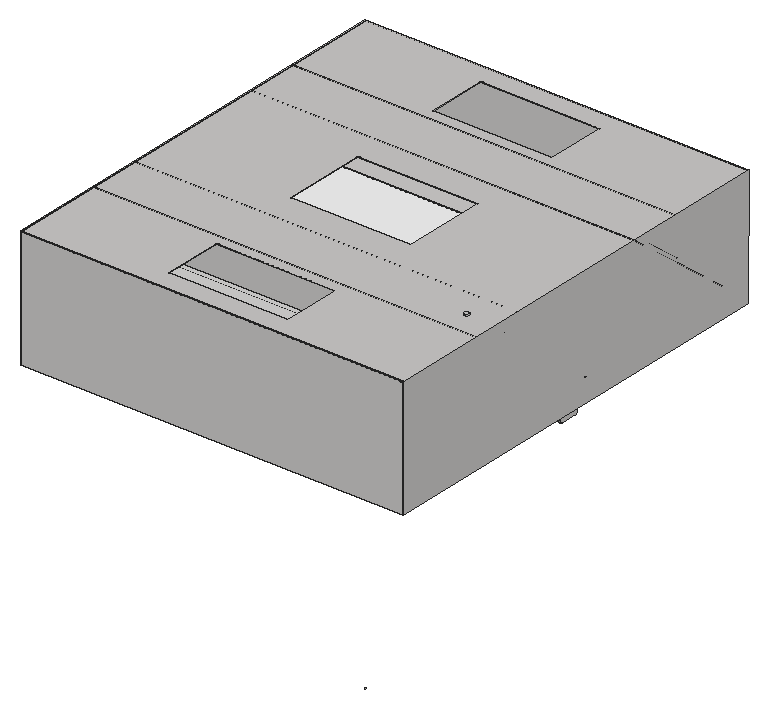
Revit family "QF_ELECTROLUXPROFESSIONAL_641265_STCF1816", category Specialty Equipment, Revit 2014
Reference planes
  plane 1: z = 0
  plane 2 "Center (Left/Right)": x = 150
  plane 3 "LEFT": x = -650
  plane 4 "RIGHT": x = 950
  plane 5 "BACK": y = 550
  plane 6 "TOP": z = 2500
  plane 7 "Base": z = 2000
  plane 8: z = 1955
  plane 9: x = -647
  plane 10 "DrainX": x = 830
  plane 11 "AOLeft2": x = 400
  plane 12: x = 947
  plane 13: x = -450
  plane 14: x = 750
  plane 15 "Center (Front/Back)": y = -350
  plane 16 "Front": y = -1250
  plane 17 "AOLeft1": x = -100
  plane 18 "EI_y": y = -770
  plane 19 "EIx": x = 830
  plane 20: y = 464
  plane 21: y = 214
  plane 22: y = -1164
  plane 23: y = -914
  plane 24: y = -175
  plane 25: y = -525
Forms (mm)
  Extrusion 1, solid, material "QF_Finishes_Stainless Steel"
    sketch origin (-650, 0, 360) x (0, 1, 0) y (0, 0, 1)
      loop
        line (550, 1640) -> (550, 2140) -> (-1250, 2140) -> (-1250, 1640) -> (550, 1640)
    from 0 to 3
  Extrusion 2, solid, material "QF_Finishes_Stainless Steel"
    sketch origin (950, 0, 360) x (0, 1, 0) y (0, 0, 1)
      loop
        line (550, 1640) -> (550, 2140) -> (-1250, 2140) -> (-1250, 1640) -> (550, 1640)
    from 0 to -3
  Extrusion 3, solid, material "QF_Finishes_Stainless Steel"
    sketch origin (150, 0, 360) x (0, 1, 0) y (0, 0, 1)
      loop
        line (-1250, 2140) -> (-1250, 1640) -> (-1240, 1640) -> (-1240, 1640.8) -> (-1249.2, 1640.8) -> (-1249.2, 2139.19) -> (549.2, 2139.19) -> (549.2, 1640.8) -> (540, 1640.8) -> (540, 1640) -> (550, 1640) -> (550, 2140) -> (-1250, 2140)
    from -800 to 800
  Extrusion 4, solid, material "QF_Finishes_Stainless Steel"
    sketch origin (0, -840, 2000) x (0, 1, 0) y (-1, 0, 0)
      loop
        circle (490, -830) r 4.763
    from -30 to 0
  Extrusion 5, void
    sketch origin (0, 0, 2500) x (0, 1, 0) y (-1, 0, 0)
      loop
        line (-1164, -400) -> (-914, -400) -> (-914, 100) -> (-1164, 100) -> (-1164, -400)
    from 0 to -10
  Extrusion 6, solid, material "QF_Finishes_Stainless Steel"
    sketch origin (0, 0, 0) x (1, 0, 0) y (0, 1, 0)
      loop
        line (-650, 550) -> (-650, 549) -> (-649, 549) -> (-649, 550) -> (-650, 550)
    from 0 to 1
  Sweep 7, solid, material "QF_Finishes_Stainless Steel"
    path origin (0, 0, 0) x (1, 0, 0) y (0, 1, 0)
      loop
        line (950, 550) -> (-650, 550) -> (-650, -1250) -> (950, -1250) -> (950, 550)
    profile origin (950, -350, 0) x (1, 0, 0) y (0, 0, 1)
      loop
        line (-3, 2000) -> (-3, 2000.8) -> (-19, 2000.8) -> (-19, 2010) -> (-20, 2010) -> (-20, 2000) -> (-3, 2000)
  Extrusion 8, solid, material "QF_Finishes_Stainless Steel"
    sketch origin (150, -826.94, 0) x (0, 1, 0) y (0, 0, 1)
      loop
        line (414.66, 2095.469) -> (440.643, 2110.471) -> (261.744, 2411.771) -> (235.948, 2396.455) -> (414.66, 2095.469)
    from -797 to -600
  Extrusion 9, solid, material "QF_Finishes_Stainless Steel"
    sketch origin (830, -840, 0) x (0, 1, 0) y (0, 0, 1)
      loop
        line (539, 2000) -> (441, 2000) -> (441, 1989) -> (448.5, 1989) -> (448.5, 1965)
        arc (448.5, 1965) -> (451.429, 1957.929) -> (458.5, 1955) r 10
        line (458.5, 1955) -> (521.5, 1955)
        arc (521.5, 1955) -> (528.571, 1957.929) -> (531.5, 1965) r 10
        line (531.5, 1965) -> (531.5, 1989) -> (539, 1989) -> (539, 2000)
    from 90 to -90
  Extrusion 10, solid, material "QF_Finishes_Stainless Steel"
    sketch origin (150, -826.94, 0) x (0, 1, 0) y (0, 0, 1)
      loop
        line (414.66, 2095.469) -> (440.643, 2110.471) -> (261.744, 2411.771) -> (235.948, 2396.455) -> (414.66, 2095.469)
    from 600 to 797
  Extrusion 11, solid, material "QF_Finished_Chrome"
    sketch origin (150, -826.94, 0) x (0, 1, 0) y (0, 0, 1)
      loop
        line (414.66, 2095.469) -> (440.643, 2110.471) -> (261.744, 2411.771) -> (235.948, 2396.455) -> (414.66, 2095.469)
    from -600 to 600
  Extrusion 12, void
    sketch origin (0, 1180, 2500) x (0, 1, 0) y (-1, 0, 0)
      loop
        line (-1355, -400) -> (-1355, 100) -> (-1705, 100) -> (-1705, -400) -> (-1355, -400)
    from 0 to -10
  Extrusion 13, solid, material "QF_Finishes_Stainless Steel"
    sketch origin (0, 0, 2500) x (0, 1, 0) y (-1, 0, 0)
      loop
        circle (-770, -830) r 10
    from 0 to 1.6
  Extrusion 14, solid, material "QF_Finishes_Stainless Steel"
    sketch origin (150, -826.94, 360) x (0, 1, 0) y (0, 0, 1)
      loop
        line (430.005, 1640) -> (476.94, 1640) -> (476.94, 1640.8) -> (430.467, 1640.8) -> (371.906, 1742.23) -> (414.858, 1734.657) -> (442.266, 1750.481) -> (442.266, 1765.943) -> (441.466, 1765.943) -> (441.466, 1750.943) -> (414.709, 1735.495) -> (321.153, 1751.991) -> (320.875, 1750.416) -> (371.4, 1741.507) -> (430.005, 1640)
      loop
        line (172.529, 2139.19) -> (242.893, 2017.316) -> (245.133, 2018.715) -> (240.13, 2027.381) -> (238.569, 2026.405) -> (173.453, 2139.19) -> (172.529, 2139.19)
    from -797 to 797
  Extrusion 15, solid, material "QF_LAMPS"
    sketch origin (150, 0, 360) x (0, 1, 0) y (0, 0, 1)
      loop
        line (-872.823, 1962.324) -> (-718.948, 2086.929) -> (-727.129, 2097.032) -> (-881.003, 1972.426) -> (-872.823, 1962.324)
    from 797 to -797
  Extrusion 16, solid, material "QF_Finishes_Stainless Steel"
    sketch origin (150, 0, 360) x (0, 1, 0) y (0, 0, 1)
      loop
        line (-1250, 2139.19) -> (-1250, 1640) -> (-1186.602, 1640) -> (-1099.146, 1690.493) -> (-1110.058, 1709.394) -> (-1166.564, 1676.77) -> (-1214.704, 1680.982) -> (-1249.2, 1730.248) -> (-1249.2, 2139.19) -> (-1250, 2139.19)
      loop
        line (-873.6, 1961.694) -> (-881.937, 1971.99) -> (-869.095, 1982.182) -> (-869.095, 2139.19) -> (-869.895, 2139.19) -> (-869.895, 1982.569) -> (-1182.298, 1734.63) -> (-1171.091, 1720.79) -> (-873.6, 1961.694)
      loop
        line (-727.61, 2099.216) -> (-718.171, 2087.559) -> (-654.411, 2139.19) -> (-655.682, 2139.19) -> (-718.052, 2088.684) -> (-726.989, 2099.719) -> (-727.61, 2099.216)
    from -797 to 797
  Extrusion 17, solid, material "QF_Finishes_Stainless Steel"
    sketch origin (150, 126.94, 360) x (0, -1, 0) y (0, 0, -1)
      loop
        line (430.005, -1640) -> (371.4, -1741.507) -> (320.875, -1750.416) -> (321.153, -1751.991) -> (414.709, -1735.495) -> (441.466, -1750.943) -> (441.466, -1765.943) -> (442.266, -1765.943) -> (442.266, -1750.481) -> (414.858, -1734.657) -> (371.906, -1742.23) -> (430.467, -1640.8) -> (476.94, -1640.8) -> (476.94, -1640) -> (430.005, -1640)
      loop
        line (172.529, -2139.19) -> (173.453, -2139.19) -> (238.569, -2026.405) -> (240.13, -2027.381) -> (245.133, -2018.715) -> (242.893, -2017.316) -> (172.529, -2139.19)
    from -797 to 797
  Extrusion 18, solid, material "QF_LAMPS"
    sketch origin (150, -700, 360) x (0, -1, 0) y (0, 0, -1)
      loop
        line (-872.823, -1962.324) -> (-881.003, -1972.426) -> (-727.129, -2097.032) -> (-718.948, -2086.929) -> (-872.823, -1962.324)
    from 797 to -797
  Extrusion 19, solid, material "QF_Finishes_Stainless Steel"
    sketch origin (150, -700, 360) x (0, -1, 0) y (0, 0, -1)
      loop
        line (-1250, -2139.19) -> (-1249.2, -2139.19) -> (-1249.2, -1730.248) -> (-1214.704, -1680.982) -> (-1166.564, -1676.77) -> (-1110.058, -1709.394) -> (-1099.146, -1690.493) -> (-1186.602, -1640) -> (-1250, -1640) -> (-1250, -2139.19)
      loop
        line (-873.6, -1961.694) -> (-1171.091, -1720.79) -> (-1182.298, -1734.63) -> (-869.895, -1982.569) -> (-869.895, -2139.19) -> (-869.095, -2139.19) -> (-869.095, -1982.182) -> (-881.937, -1971.99) -> (-873.6, -1961.694)
      loop
        line (-727.61, -2099.216) -> (-726.989, -2099.719) -> (-718.052, -2088.684) -> (-655.682, -2139.19) -> (-654.411, -2139.19) -> (-718.171, -2087.559) -> (-727.61, -2099.216)
    from -797 to 797
  Extrusion 20, solid, material "QF_Finishes_Stainless Steel"
    sketch origin (150, 126.94, 0) x (0, -1, 0) y (0, 0, -1)
      loop
        line (414.66, -2095.469) -> (235.948, -2396.455) -> (261.744, -2411.771) -> (440.643, -2110.471) -> (414.66, -2095.469)
    from -797 to -600
  Extrusion 21, solid, material "QF_Finishes_Stainless Steel"
    sketch origin (150, 126.94, 0) x (0, -1, 0) y (0, 0, -1)
      loop
        line (414.66, -2095.469) -> (235.948, -2396.455) -> (261.744, -2411.771) -> (440.643, -2110.471) -> (414.66, -2095.469)
    from 600 to 797
  Extrusion 22, solid, material "QF_Finished_Chrome"
    sketch origin (150, 126.94, 0) x (0, -1, 0) y (0, 0, -1)
      loop
        line (414.66, -2095.469) -> (235.948, -2396.455) -> (261.744, -2411.771) -> (440.643, -2110.471) -> (414.66, -2095.469)
    from -600 to 600
  Extrusion 23, void
    sketch origin (0, 814, 2500) x (0, 1, 0) y (-1, 0, 0)
      loop
        line (-600, -400) -> (-350, -400) -> (-350, 100) -> (-600, 100) -> (-600, -400)
    from 0 to -10
Cuts and joins
  Extrusion 5, Extrusion 12, Extrusion 23 cuts Extrusion 3
  joined: Extrusion 2, Extrusion 3, Sweep 7
Lines and regions (mm)
  symbolic lines, style "SpecialityEquipment", detail levels coarse
    curve 1: line (950, 550, 2500) -> (-650, 550, 2500)
    curve 2: line (-650, 550, 2500) -> (-650, -1250, 2500)
    curve 3: line (950, -1250, 2500) -> (950, 550, 2500)
    curve 4: line (-650, 550, 0) -> (950, -1250, 0)
    curve 5: line (950, 550, 0) -> (-650, -1250, 0)
    curve 6: line (-650, -1250, 0) -> (950, -1250, 0)
  symbolic lines, detail levels coarse
    curve 7: line (-100, 464, 2500) -> (400, 464, 2500)
    curve 8: line (-100, 214, 2500) -> (-100, 464, 2500)
    curve 9: line (400, 214, 2500) -> (-100, 214, 2500)
    curve 10: line (400, 464, 2500) -> (400, 214, 2500)
    curve 11: line (-100, -175, 2500) -> (400, -175, 2500)
    curve 12: line (-100, -525, 2500) -> (-100, -175, 2500)
    curve 13: line (400, -525, 2500) -> (-100, -525, 2500)
    curve 14: line (400, -175, 2500) -> (400, -525, 2500)
    curve 15: line (-100, -914, 2500) -> (400, -914, 2500)
    curve 16: line (-100, -1164, 2500) -> (-100, -914, 2500)
    curve 17: line (400, -1164, 2500) -> (-100, -1164, 2500)
    curve 18: line (400, -914, 2500) -> (400, -1164, 2500)
Dimensions and locks
  plane 3 "LEFT" to plane 4 "RIGHT" = 1600 mm
  equal spacing: plane 3 "LEFT", plane 2 "Center (Left/Right)", plane 4 "RIGHT"
  plane 7 "Base" to plane 8 = 45 mm
  plane 3 "LEFT" to plane 9 = 3 mm
  plane 10 "DrainX" to plane 4 "RIGHT" = 120 mm
  plane 12 to plane 4 "RIGHT" = 3 mm
  plane 3 "LEFT" to plane 13 = 200 mm
  plane 14 to plane 4 "RIGHT" = 200 mm
  locked: plane 7 "Base" to level at 2000
  locked: plane 6 "TOP" to plane 7 "Base" at 500
  equal spacing: plane 5 "BACK", plane 15 "Center (Front/Back)", plane 16 "Front"
  locked: plane 18 "EI_y" to plane 16 "Front" at 480
  locked: plane 19 "EIx" to plane 4 "RIGHT" at 120
  locked: plane 5 "BACK" to plane 20 at 86
  plane 20 to plane 21 = 250 mm
  locked: plane 22 to plane 16 "Front" at 86
  locked: plane 22 to plane 23 at 250
  plane 24 to plane 15 "Center (Front/Back)" = 175 mm
  plane 15 "Center (Front/Back)" to plane 25 = 175 mm
  locked: plane 5 "BACK" to plane 16 "Front" at 1800
  plane 5 "BACK" to plane 16 "Front" = 1800 mm
  plane 24 to plane 25 = 350 mm
  equal spacing: plane 17 "AOLeft1", plane 2 "Center (Left/Right)", plane 11 "AOLeft2"
  locked: plane 17 "AOLeft1" to plane 11 "AOLeft2" at 500
  aligned and locked: level to plane 1
  aligned and locked: plane 4 "RIGHT" to Extrusion 3
  aligned and locked: Extrusion 3 to plane 3 "LEFT"
  aligned and locked: Extrusion 2 to plane 12
  aligned and locked: Extrusion 8 to plane 9
  aligned and locked: plane 17 "AOLeft1" to Extrusion 5
  aligned and locked: Extrusion 5 to plane 11 "AOLeft2"
  aligned and locked: Extrusion 8 to plane 13
  aligned and locked: plane 14 to Extrusion 10
  aligned and locked: plane 12 to Extrusion 10
  aligned and locked: plane 13 to Extrusion 11
  aligned and locked: Extrusion 11 to plane 14
  aligned and locked: Extrusion 12 to plane 17 "AOLeft1"
  aligned and locked: Extrusion 12 to plane 11 "AOLeft2"
  aligned and locked: Extrusion 14 to plane 9
  aligned and locked: plane 12 to Extrusion 14
  aligned and locked: Extrusion 22 to plane 13
  aligned and locked: Extrusion 22 to plane 14
  aligned and locked: plane 22 to Extrusion 5
  aligned and locked: Extrusion 5 to plane 23
  aligned and locked: Extrusion 23 to plane 17 "AOLeft1"
  aligned and locked: Extrusion 23 to plane 11 "AOLeft2"
  aligned and locked: plane 24 to Extrusion 12
  aligned and locked: Extrusion 12 to plane 25
  aligned and locked: plane 20 to Extrusion 23
  aligned and locked: Extrusion 23 to plane 21
  aligned and locked: Extrusion 19 to plane 9
  aligned and locked: Extrusion 18 to plane 9
  aligned and locked: Extrusion 17 to plane 9
  aligned and locked: plane 9 to Extrusion 20
  aligned and locked: Extrusion 16 to plane 9
  aligned and locked: Extrusion 15 to plane 9
  aligned and locked: plane 12 to Extrusion 19
  aligned and locked: plane 12 to Extrusion 18
  aligned and locked: plane 12 to Extrusion 17
  aligned and locked: Extrusion 21 to plane 12
  aligned and locked: plane 12 to Extrusion 15
  aligned and locked: Extrusion 16 to plane 12
  aligned and locked: Extrusion 20 to plane 13
  aligned and locked: plane 14 to Extrusion 21
Automatic sketch dimensions
  curve 6 to plane 3 "LEFT" = 0 mm
  curve 4 to plane 3 "LEFT" = 0 mm
  curve 5 to plane 4 "RIGHT" = 0 mm
  curve 6 to plane 4 "RIGHT" = 0 mm
  curve 4 to plane 16 "Front" = 0 mm
  curve 5 to plane 5 "BACK" = 0 mm
  curve 4 to plane 5 "BACK" = 0 mm
  Extrusion 1 sketch curve to plane 7 "Base" = 0 mm
  Extrusion 1 sketch curve to plane 16 "Front" = 0 mm
  Extrusion 1 sketch curve to plane 5 "BACK" = 0 mm
  Extrusion 1 sketch curve to plane 6 "TOP" = 0 mm
  Extrusion 2 sketch curve to plane 7 "Base" = 0 mm
  Extrusion 2 sketch curve to plane 16 "Front" = 0 mm
  Extrusion 2 sketch curve to plane 5 "BACK" = 0 mm
  Extrusion 2 sketch curve to plane 6 "TOP" = 0 mm
  Extrusion 3 sketch curve to plane 6 "TOP" = 0 mm
  Extrusion 3 sketch curve to plane 16 "Front" = 0 mm
  Extrusion 3 sketch curve to plane 7 "Base" = 0 mm  (x2)
  Extrusion 3 sketch curve to plane 5 "BACK" = 0 mm
  plane 16 "Front" to Extrusion 3 sketch curve = 0.8 mm
  Extrusion 3 sketch curve to Extrusion 3 sketch curve = 9.2 mm
  plane 7 "Base" to Extrusion 3 sketch curve = 0.8 mm  (x2)
  Extrusion 3 sketch curve to plane 5 "BACK" = 10 mm
  Extrusion 3 sketch curve to plane 5 "BACK" = 0.8 mm
  Extrusion 3 sketch curve to plane 6 "TOP" = 0.81 mm
  Extrusion 4 sketch curve to plane 10 "DrainX" = 0 mm
  Extrusion 4 sketch curve to plane 15 "Center (Front/Back)" = 0 mm
  Extrusion 5 sketch curve to plane 17 "AOLeft1" = 0 mm
  plane 22 to Extrusion 5 sketch curve = 0 mm
  Extrusion 5 sketch curve to plane 11 "AOLeft2" = 0 mm
  plane 23 to Extrusion 5 sketch curve = 0 mm
  Extrusion 6 sketch curve to plane 3 "LEFT" = 0 mm
  Extrusion 6 sketch curve to plane 5 "BACK" = 0 mm
  plane 3 "LEFT" to Extrusion 6 sketch curve = 1 mm
  Extrusion 6 sketch curve to Extrusion 6 sketch curve = 1 mm
  Sweep 7 sketch curve to plane 3 "LEFT" = 0 mm
  Sweep 7 sketch curve to plane 4 "RIGHT" = 0 mm
  Sweep 7 sketch curve to plane 16 "Front" = 0 mm
  Sweep 7 sketch curve to plane 5 "BACK" = 0 mm
  profile plane to Sweep 7 sketch curve = 20 mm
  Sweep 7 sketch curve to Sweep 7 sketch curve = 1 mm
  profile plane to Sweep 7 sketch curve = 3 mm
  level to Sweep 7 sketch curve = 2000 mm
  Sweep 7 sketch curve to Sweep 7 sketch curve = 0.8 mm
  Sweep 7 sketch curve to Sweep 7 sketch curve = 9.2 mm
  Extrusion 8 sketch curve to plane 25 = 65.992 mm
  Extrusion 8 sketch curve to Extrusion 8 sketch curve = 25.795 mm
  Extrusion 8 sketch curve to plane 15 "Center (Front/Back)" = 62.28 mm
  Extrusion 8 sketch curve to Extrusion 8 sketch curve = 25.983 mm
  plane 7 "Base" to Extrusion 8 sketch curve = 95.469 mm
  Extrusion 8 sketch curve to Extrusion 8 sketch curve = 15.001 mm
  Extrusion 8 sketch curve to plane 6 "TOP" = 103.545 mm
  Extrusion 8 sketch curve to Extrusion 8 sketch curve = 15.316 mm
  Extrusion 9 sketch curve to plane 8 = 0 mm
  Extrusion 9 sketch curve to plane 7 "Base" = 11 mm  (x2)
  Extrusion 9 sketch curve to plane 15 "Center (Front/Back)" = 49 mm
  Extrusion 9 sketch curve to Extrusion 9 sketch curve = 7.5 mm  (x2)
  Extrusion 9 sketch curve to Extrusion 9 sketch curve = 10 mm  (x2)
  plane 15 "Center (Front/Back)" to Extrusion 9 sketch curve = 31.5 mm
  plane 7 "Base" to Extrusion 9 sketch curve = 0 mm
  Extrusion 10 sketch curve to plane 25 = 65.992 mm
  Extrusion 10 sketch curve to Extrusion 10 sketch curve = 25.795 mm
  Extrusion 10 sketch curve to plane 15 "Center (Front/Back)" = 62.28 mm
  Extrusion 10 sketch curve to Extrusion 10 sketch curve = 25.983 mm
  plane 7 "Base" to Extrusion 10 sketch curve = 95.469 mm
  Extrusion 10 sketch curve to Extrusion 10 sketch curve = 15.001 mm
  Extrusion 10 sketch curve to plane 6 "TOP" = 103.545 mm
  Extrusion 10 sketch curve to Extrusion 10 sketch curve = 15.316 mm
  Extrusion 11 sketch curve to plane 25 = 65.992 mm
  Extrusion 11 sketch curve to Extrusion 11 sketch curve = 25.795 mm
  Extrusion 11 sketch curve to plane 15 "Center (Front/Back)" = 62.28 mm
  Extrusion 11 sketch curve to Extrusion 11 sketch curve = 25.983 mm
  plane 7 "Base" to Extrusion 11 sketch curve = 95.469 mm
  Extrusion 11 sketch curve to Extrusion 11 sketch curve = 15.001 mm
  Extrusion 11 sketch curve to plane 6 "TOP" = 103.545 mm
  Extrusion 11 sketch curve to Extrusion 11 sketch curve = 15.316 mm
  Extrusion 12 sketch curve to plane 11 "AOLeft2" = 0 mm
  Extrusion 12 sketch curve to plane 21 = 739 mm
  Extrusion 12 sketch curve to plane 20 = 639 mm
  Extrusion 12 sketch curve to plane 17 "AOLeft1" = 0 mm
  Extrusion 13 sketch curve to plane 18 "EI_y" = 0 mm
  Extrusion 13 sketch curve to plane 19 "EIx" = 0 mm
  Extrusion 14 sketch curve to plane 7 "Base" = 0 mm
  Extrusion 14 sketch curve to plane 6 "TOP" = 0.81 mm
  plane 18 "EI_y" to Extrusion 14 sketch curve = 115.589 mm
  Extrusion 14 sketch curve to Extrusion 14 sketch curve = 0.924 mm
  Extrusion 14 sketch curve to plane 25 = 63.371 mm
  Extrusion 14 sketch curve to Extrusion 14 sketch curve = 1.561 mm
  Extrusion 14 sketch curve to Extrusion 14 sketch curve = 4.324 mm
  Extrusion 14 sketch curve to Extrusion 14 sketch curve = 2.24 mm
  plane 25 to Extrusion 14 sketch curve = 18.935 mm
  Extrusion 14 sketch curve to Extrusion 14 sketch curve = 0.278 mm
  Extrusion 14 sketch curve to Extrusion 14 sketch curve = 50.525 mm
  Extrusion 14 sketch curve to Extrusion 14 sketch curve = 0.506 mm
  Extrusion 14 sketch curve to Extrusion 14 sketch curve = 42.803 mm
  Extrusion 14 sketch curve to Extrusion 14 sketch curve = 0.148 mm
  Extrusion 14 sketch curve to plane 15 "Center (Front/Back)" = 46.935 mm
  plane 7 "Base" to Extrusion 14 sketch curve = 0.8 mm
  Extrusion 14 sketch curve to Extrusion 14 sketch curve = 0.462 mm  (x2)
  Extrusion 14 sketch curve to Extrusion 14 sketch curve = 46.473 mm
  Extrusion 14 sketch curve to plane 15 "Center (Front/Back)" = 35.474 mm
  Extrusion 14 sketch curve to Extrusion 14 sketch curve = 0.8 mm
  plane 7 "Base" to Extrusion 14 sketch curve = 94.657 mm
  Extrusion 14 sketch curve to Extrusion 14 sketch curve = 0.838 mm
  Extrusion 14 sketch curve to Extrusion 14 sketch curve = 6.012 mm
  Extrusion 14 sketch curve to Extrusion 14 sketch curve = 0.723 mm
  Extrusion 14 sketch curve to Extrusion 14 sketch curve = 14.986 mm
  Extrusion 14 sketch curve to Extrusion 14 sketch curve = 15 mm
  Extrusion 14 sketch curve to plane 6 "TOP" = 122.684 mm
  Extrusion 14 sketch curve to Extrusion 14 sketch curve = 1.399 mm
  Extrusion 14 sketch curve to Extrusion 14 sketch curve = 9.089 mm
  Extrusion 14 sketch curve to Extrusion 14 sketch curve = 0.975 mm
  Extrusion 15 sketch curve to plane 23 = 32.997 mm
  Extrusion 15 sketch curve to Extrusion 15 sketch curve = 8.181 mm  (x2)
  plane 18 "EI_y" to Extrusion 15 sketch curve = 42.871 mm
  Extrusion 15 sketch curve to plane 6 "TOP" = 177.676 mm
  Extrusion 15 sketch curve to Extrusion 15 sketch curve = 10.102 mm
  Extrusion 15 sketch curve to plane 6 "TOP" = 53.071 mm
  Extrusion 15 sketch curve to Extrusion 15 sketch curve = 10.103 mm
  Extrusion 16 sketch curve to plane 7 "Base" = 0 mm
  Extrusion 16 sketch curve to plane 16 "Front" = 0 mm
  Extrusion 16 sketch curve to Extrusion 16 sketch curve = 0.8 mm  (x2)
  plane 16 "Front" to Extrusion 16 sketch curve = 35.296 mm
  plane 22 to Extrusion 16 sketch curve = 22.602 mm
  plane 22 to Extrusion 16 sketch curve = 18.298 mm
  plane 22 to Extrusion 16 sketch curve = 7.091 mm
  plane 22 to Extrusion 16 sketch curve = 2.564 mm
  Extrusion 16 sketch curve to plane 22 = 53.942 mm
  Extrusion 16 sketch curve to Extrusion 16 sketch curve = 10.912 mm
  Extrusion 16 sketch curve to plane 23 = 32.063 mm
  Extrusion 16 sketch curve to Extrusion 16 sketch curve = 8.337 mm
  Extrusion 16 sketch curve to Extrusion 16 sketch curve = 12.042 mm
  plane 18 "EI_y" to Extrusion 16 sketch curve = 42.39 mm
  Extrusion 16 sketch curve to Extrusion 16 sketch curve = 0.622 mm
  Extrusion 16 sketch curve to Extrusion 16 sketch curve = 9.44 mm
  Extrusion 16 sketch curve to Extrusion 16 sketch curve = 0.118 mm
  Extrusion 16 sketch curve to plane 6 "TOP" = 0.81 mm  (x3)
  Extrusion 16 sketch curve to Extrusion 16 sketch curve = 62.37 mm
  Extrusion 16 sketch curve to Extrusion 16 sketch curve = 1.271 mm
  plane 7 "Base" to Extrusion 16 sketch curve = 36.77 mm
  plane 7 "Base" to Extrusion 16 sketch curve = 40.982 mm
  plane 7 "Base" to Extrusion 16 sketch curve = 50.493 mm
  Extrusion 16 sketch curve to Extrusion 16 sketch curve = 18.901 mm
  Extrusion 16 sketch curve to Extrusion 16 sketch curve = 44.02 mm
  Extrusion 16 sketch curve to Extrusion 16 sketch curve = 49.266 mm
  Extrusion 16 sketch curve to Extrusion 16 sketch curve = 13.84 mm
  Extrusion 16 sketch curve to plane 6 "TOP" = 178.306 mm
  Extrusion 16 sketch curve to Extrusion 16 sketch curve = 10.296 mm
  Extrusion 16 sketch curve to Extrusion 16 sketch curve = 10.192 mm
  Extrusion 16 sketch curve to Extrusion 16 sketch curve = 0.386 mm
  Extrusion 16 sketch curve to plane 6 "TOP" = 52.441 mm
  Extrusion 16 sketch curve to Extrusion 16 sketch curve = 1.125 mm
  Extrusion 17 sketch curve to plane 7 "Base" = 0 mm
  plane 6 "TOP" to Extrusion 17 sketch curve = 0.81 mm
  Extrusion 17 sketch curve to plane 24 = 129.411 mm
  Extrusion 17 sketch curve to Extrusion 17 sketch curve = 0.924 mm
  Extrusion 17 sketch curve to plane 24 = 63.371 mm
  Extrusion 17 sketch curve to Extrusion 17 sketch curve = 1.561 mm
  Extrusion 17 sketch curve to Extrusion 17 sketch curve = 4.324 mm
  Extrusion 17 sketch curve to Extrusion 17 sketch curve = 2.24 mm
  plane 24 to Extrusion 17 sketch curve = 18.935 mm
  Extrusion 17 sketch curve to Extrusion 17 sketch curve = 0.278 mm
  Extrusion 17 sketch curve to Extrusion 17 sketch curve = 50.525 mm
  Extrusion 17 sketch curve to Extrusion 17 sketch curve = 0.506 mm
  Extrusion 17 sketch curve to Extrusion 17 sketch curve = 42.803 mm
  Extrusion 17 sketch curve to Extrusion 17 sketch curve = 0.148 mm
  Extrusion 17 sketch curve to plane 15 "Center (Front/Back)" = 46.935 mm
  Extrusion 17 sketch curve to plane 7 "Base" = 0.8 mm
  Extrusion 17 sketch curve to Extrusion 17 sketch curve = 0.462 mm  (x2)
  Extrusion 17 sketch curve to Extrusion 17 sketch curve = 46.473 mm
  Extrusion 17 sketch curve to plane 15 "Center (Front/Back)" = 35.474 mm
  Extrusion 17 sketch curve to Extrusion 17 sketch curve = 0.8 mm
  Extrusion 17 sketch curve to plane 7 "Base" = 94.657 mm
  Extrusion 17 sketch curve to Extrusion 17 sketch curve = 0.838 mm
  Extrusion 17 sketch curve to Extrusion 17 sketch curve = 6.012 mm
  Extrusion 17 sketch curve to Extrusion 17 sketch curve = 0.723 mm
  Extrusion 17 sketch curve to Extrusion 17 sketch curve = 14.986 mm
  Extrusion 17 sketch curve to Extrusion 17 sketch curve = 15 mm
  plane 6 "TOP" to Extrusion 17 sketch curve = 122.684 mm
  Extrusion 17 sketch curve to Extrusion 17 sketch curve = 1.399 mm
  Extrusion 17 sketch curve to Extrusion 17 sketch curve = 9.089 mm
  Extrusion 17 sketch curve to Extrusion 17 sketch curve = 0.975 mm
  plane 21 to Extrusion 18 sketch curve = 32.997 mm
  Extrusion 18 sketch curve to Extrusion 18 sketch curve = 8.181 mm  (x2)
  plane 6 "TOP" to Extrusion 18 sketch curve = 42.968 mm
  plane 21 to Extrusion 18 sketch curve = 186.871 mm
  plane 6 "TOP" to Extrusion 18 sketch curve = 53.071 mm
  plane 6 "TOP" to Extrusion 18 sketch curve = 167.574 mm
  Extrusion 18 sketch curve to Extrusion 18 sketch curve = 10.102 mm
  Extrusion 19 sketch curve to plane 5 "BACK" = 0 mm
  Extrusion 19 sketch curve to plane 7 "Base" = 0 mm
  Extrusion 19 sketch curve to Extrusion 19 sketch curve = 0.8 mm  (x2)
  plane 5 "BACK" to Extrusion 19 sketch curve = 35.296 mm
  Extrusion 19 sketch curve to plane 20 = 22.602 mm
  Extrusion 19 sketch curve to plane 20 = 18.298 mm
  Extrusion 19 sketch curve to plane 20 = 7.091 mm
  Extrusion 19 sketch curve to plane 20 = 2.564 mm
  plane 20 to Extrusion 19 sketch curve = 53.942 mm
  Extrusion 19 sketch curve to Extrusion 19 sketch curve = 10.912 mm
  plane 21 to Extrusion 19 sketch curve = 32.063 mm
  Extrusion 19 sketch curve to Extrusion 19 sketch curve = 8.337 mm
  Extrusion 19 sketch curve to Extrusion 19 sketch curve = 12.042 mm
  plane 6 "TOP" to Extrusion 19 sketch curve = 40.784 mm
  Extrusion 19 sketch curve to Extrusion 19 sketch curve = 141.485 mm
  plane 6 "TOP" to Extrusion 19 sketch curve = 40.281 mm
  Extrusion 19 sketch curve to Extrusion 19 sketch curve = 0.622 mm
  plane 6 "TOP" to Extrusion 19 sketch curve = 52.441 mm
  plane 6 "TOP" to Extrusion 19 sketch curve = 51.316 mm
  plane 6 "TOP" to Extrusion 19 sketch curve = 0.81 mm  (x3)
  Extrusion 19 sketch curve to Extrusion 19 sketch curve = 62.37 mm
  Extrusion 19 sketch curve to Extrusion 19 sketch curve = 1.271 mm
  Extrusion 19 sketch curve to plane 7 "Base" = 36.77 mm
  Extrusion 19 sketch curve to plane 7 "Base" = 40.982 mm
  Extrusion 19 sketch curve to plane 7 "Base" = 50.493 mm
  Extrusion 19 sketch curve to Extrusion 19 sketch curve = 18.901 mm
  Extrusion 19 sketch curve to Extrusion 19 sketch curve = 44.02 mm
  Extrusion 19 sketch curve to Extrusion 19 sketch curve = 49.266 mm
  Extrusion 19 sketch curve to Extrusion 19 sketch curve = 13.84 mm
  plane 6 "TOP" to Extrusion 19 sketch curve = 178.306 mm
  Extrusion 19 sketch curve to Extrusion 19 sketch curve = 10.296 mm
  Extrusion 19 sketch curve to Extrusion 19 sketch curve = 10.192 mm
  Extrusion 19 sketch curve to Extrusion 19 sketch curve = 0.386 mm
  Extrusion 20 sketch curve to plane 24 = 65.992 mm
  Extrusion 20 sketch curve to Extrusion 20 sketch curve = 25.795 mm
  Extrusion 20 sketch curve to plane 15 "Center (Front/Back)" = 62.28 mm
  Extrusion 20 sketch curve to Extrusion 20 sketch curve = 25.983 mm
  Extrusion 20 sketch curve to plane 7 "Base" = 95.469 mm
  Extrusion 20 sketch curve to Extrusion 20 sketch curve = 15.001 mm
  plane 6 "TOP" to Extrusion 20 sketch curve = 103.545 mm
  Extrusion 20 sketch curve to Extrusion 20 sketch curve = 15.316 mm
  Extrusion 21 sketch curve to plane 24 = 65.992 mm
  Extrusion 21 sketch curve to Extrusion 21 sketch curve = 25.795 mm
  Extrusion 21 sketch curve to plane 15 "Center (Front/Back)" = 62.28 mm
  Extrusion 21 sketch curve to Extrusion 21 sketch curve = 25.983 mm
  Extrusion 21 sketch curve to plane 7 "Base" = 95.469 mm
  Extrusion 21 sketch curve to Extrusion 21 sketch curve = 15.001 mm
  plane 6 "TOP" to Extrusion 21 sketch curve = 103.545 mm
  Extrusion 21 sketch curve to Extrusion 21 sketch curve = 15.316 mm
  Extrusion 22 sketch curve to plane 24 = 65.992 mm
  Extrusion 22 sketch curve to Extrusion 22 sketch curve = 25.795 mm
  Extrusion 22 sketch curve to plane 15 "Center (Front/Back)" = 62.28 mm
  Extrusion 22 sketch curve to Extrusion 22 sketch curve = 25.983 mm
  Extrusion 22 sketch curve to plane 7 "Base" = 95.469 mm
  Extrusion 22 sketch curve to Extrusion 22 sketch curve = 15.001 mm
  plane 6 "TOP" to Extrusion 22 sketch curve = 103.545 mm
  Extrusion 22 sketch curve to Extrusion 22 sketch curve = 15.316 mm
  plane 15 "Center (Front/Back)" to Extrusion 23 sketch curve = 564 mm
  plane 11 "AOLeft2" to Extrusion 23 sketch curve = 0 mm
  plane 17 "AOLeft1" to Extrusion 23 sketch curve = 0 mm
  plane 24 to Extrusion 23 sketch curve = 639 mm
  curve 2 to plane 3 "LEFT" = 0 mm
  curve 2 to plane 16 "Front" = 0 mm
  curve 3 to plane 4 "RIGHT" = 0 mm
  curve 3 to plane 16 "Front" = 0 mm
  curve 17 to plane 17 "AOLeft1" = 0 mm
  plane 22 to curve 17 = 0 mm
  plane 23 to curve 16 = 0 mm
  curve 12 to plane 17 "AOLeft1" = 0 mm
  curve 12 to plane 25 = 0 mm
  curve 11 to plane 11 "AOLeft2" = 0 mm
  curve 11 to plane 24 = 0 mm
  curve 8 to plane 17 "AOLeft1" = 0 mm
  curve 8 to plane 21 = 0 mm
  curve 8 to plane 20 = 0 mm
  curve 2 to plane 5 "BACK" = 0 mm
  curve 15 to plane 11 "AOLeft2" = 0 mm
  curve 7 to plane 11 "AOLeft2" = 0 mm
  radius of Extrusion 4 sketch curve = 4.763 mm
  radius of Extrusion 13 sketch curve = 10 mm
Connectors
  piping at (830, -350, 1970), diameter 9.5
    settings: on Extrusion 4, index 1, connector inside diameter 609.6 mm, connector length 0 mm, flow factor 0, pipe flow 0.0 L/s, pressure drop 0.0 Pa, fitting loss kfactor 0, connector angle 0.00°, fixture units 0, engagement length 0 mm, angle of deflection 0.00°, flow configuration 1, flow direction 2, fitting loss method 0, system type 16, joint type 0, gender type 0, connector reference index -1, connector utility 0, adjustable connector no, is connector primary yes, connector description "Drain"
  hvac at (150, -1039, 2500)
    settings: on Extrusion 5, index 2, duct flow 0.0 L/s, flow factor 0, pres drop 0.0 Pa, loss coef 0, conn angle 0.00°, conn width 250 mm, conn height 500 mm, conn diameter 609.6 mm, duct sys type 1, conn prof type 1, flow config 1, flow direction 1, loss method 0, conn ref index -1, conn util no, is conn primary yes, conn desc "AIR INLET"
  hvac at (150, -350, 2500)
    settings: on Extrusion 12, index 4, duct flow 0.0 L/s, flow factor 0, pres drop 0.0 Pa, loss coef 0, conn angle 0.00°, conn width 350 mm, conn height 500 mm, conn diameter 609.6 mm, duct sys type 3, conn prof type 1, flow config 1, flow direction 2, loss method 0, conn ref index -1, conn util no, is conn primary no, conn desc "EXHAUST OUTLET"
  electrical at (830, -770, 2501.6)
    settings: on Extrusion 13, index 6, voltage 0 V, apparent load 0 VA, apparent load phase1 0 VA, apparent load phase2 0 VA, apparent load phase3 0 VA, power factor 1, load classification "Other", number of poles 1, system type 30, power factor state 1, is connector primary yes, connector utility no, sub classification motor no, connector description "Electrical Connection"
  hvac at (150, 339, 2500)
    settings: on Extrusion 23, index 7, duct flow 0.0 L/s, flow factor 0, pres drop 0.0 Pa, loss coef 0, conn angle 0.00°, conn width 250 mm, conn height 500 mm, conn diameter 609.6 mm, duct sys type 1, conn prof type 1, flow config 1, flow direction 1, loss method 0, conn ref index -1, conn util no, is conn primary no, conn desc "AIR INLET"
